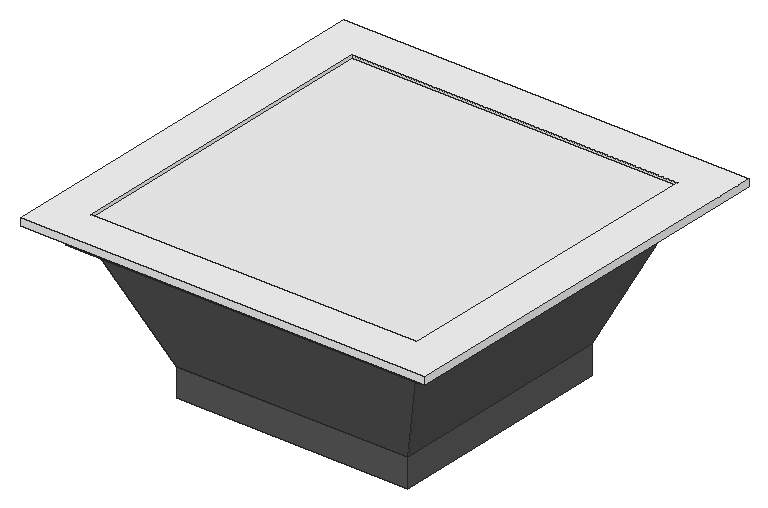
Revit family "3031704 Feilo Sylvania Lighting Fixture SYL-LIGHTER SQ 225 LED 21W WW DIM", category Lighting Fixtures, host Face, Revit 2017
Family settings
  Host = Face
  Round Connector Dimension = Use Diameter
  Part Type = Normal
  OmniClass Number = 23.80.70.00
  OmniClass Title = Lighting
  Cut with Voids When Loaded = No
  Light Source = Yes
  Shared = No
  Room Calculation Point = No
Parameters (values of type "3031704 SYL-LIGHTER SQ 225 LED 21W WW DIM")
  Width_FEILO = 225 mm
  WidthCutOut_FEILO = 205 mm
  Weight = "8.4 kg"
  Wattage Comments = ""
  Wattage = 21 W
  WarrantyStartDate [instance] = "n/a"
  WarrantyGuarantorParts = "n/a"
  WarrantyDurationUnit = "n/a"
  WarrantyDurationParts = "n/a"
  WarrantyDescription = "n/a"
  built-in parameter 1150110 = 1 (stored number, unit not read)
  Voltage = 230 V
  URL = "http://www.sylvania-lighting.com"
  TypeName = "SYL-LIGHTER SQ 225 LED 21W WW DIM"
  Type Image = <None>
  Type Comments = "n/a"
  built-in parameter 1114217 = 1 (stored number, unit not read)
  Tilt Angle = -90.00°
  built-in parameter 1150109 = 1 (stored number, unit not read)
  built-in parameter 1150134 = (empty or 0)
  built-in parameter 1150113 = 1 (stored number, unit not read)
  SerialNumber [instance] = "n/a"
  Photometric Web File = "3031704.ies"
  Offset3_FEILO = Width_FEILO / 8.5  # 26.471 mm
  Offset2_FEILO = Width_FEILO / 28.3333  # 7.941 mm
  Offset1_FEILO = Width_FEILO / 56.6667  # 3.971 mm
  Material_3_FEILO = Diffuser-Sylvania-InsaverHoTopperSquare
  PowerFactor = 0
  PowerConsumption = "21 W"
  NominalLength = 225 mm
  NominalHeight = 90 mm
  NominalDepth = 225 mm
  Name = "SYL-LIGHTER SQ 225 LED 21W WW DIM"
  ModelReference = Name  # "SYL-LIGHTER SQ 225 LED 21W WW DIM"
  ModelNumber = "3031704"
  Model = Name  # "SYL-LIGHTER SQ 225 LED 21W WW DIM"
  Material = "polycarbonate diffuser"
  ManufacturerName = "Feilo Sylvania"
  Manufacturer = "Feilo Sylvania"
  LuminousEfficacy = "81 lm/W"
  built-in parameter 1150105 = 782.44 (stored number, unit not read)
  Lumens = 1701 lm
  LuminaireType = ""
  built-in parameter 1150115 = 1 (stored number, unit not read)
  LightOutputRatio = "n/a"
  built-in parameter 1150137 = (empty or 0)
  built-in parameter 1150139 = (empty or 0)
  LampsType = Lamp  # "LED"
  LampNominalLuminous = "1710 lm"
  LampMacAdamStep = "n/a"
  LampColourTemperature = "3000 K"
  LampColourRenderingIndex = "0"
  built-in parameter 1150112 = 1 (stored number, unit not read)
  built-in parameter 1150114 = 1 (stored number, unit not read)
  Lamp = "LED"
  Keynote = "16500"
  InstallationDate [instance] = "n/a"
  InputVoltage = "220-240V~"
  InputNominalFrequency = "n/a"
  built-in parameter 1150132 = (empty or 0)
  built-in parameter 1150102 = (empty or 0)
  built-in parameter 1150107 = 3000 (stored number, unit not read)
  built-in parameter 1150138 = (empty or 0)
  IngressProtection = "IP44"
  ImpactProtectionIndex = "IK02"
  built-in parameter 1150106 = 7.8244 (stored number, unit not read)
  IfcExportType = "IfcLightFixtureType"
  IfcExportAs = "IfcLightFixtureType"
  HieghtCutOut_FEILO = HeightRecessed_FEILO / 0.8  # 112.5 mm
  HieghtBezel_FEILO = 4 mm
  HeightRecessed_FEILO = 90 mm
  HeightMiddle_FEILO = HeightRecessed_FEILO / 8.5  # 10.588 mm
  HeightBlend_FEILO = HeightRecessed_FEILO / 1.4167  # 63.529 mm
  ExpectedLife = 50000
  Emit from Rectangle Width = WidthCutOut_FEILO - 2 * (Offset1_FEILO + Offset2_FEILO)  # 181.176 mm
  Emit from Rectangle Length = WidthCutOut_FEILO - 2 * (Offset1_FEILO + Offset2_FEILO)  # 181.176 mm
  Emit Shape Visible in Rendering = no
  ElectricShockClassification = "n/a"
  built-in parameter 1150104 = 7.5251 (stored number, unit not read)
  DurationUnit = "hours"
  DocumentationLiterature = "http://www.sylvania-lighting.com/product/en-int/products/3031704"
  DimmingControlOptions = "n/a"
  Material_2_FEILO = Body-Sylvania-InsaverHoTopperSquare-Black
  Dimming Lamp Color Temperature Shift = <None>
  Description = ""
  Default Elevation = 1219.2 mm
  CreatedOn = "2/20/2018"
  CreatedBy = ""
  Cost = 0
  Color Filter = 16777215
  built-in parameter 1114216 [instance] = (empty or 0)
  ClassificationValue = "EF_70_80"
  ClassificationName = "Uniclass2015"
  Material_1_FEILO = Bezel-Sylvania-InsaverHoTopperSquare-White
  BarCode [instance] = "n/a"
  built-in parameter 1114218 = 1 (stored number, unit not read)
  built-in parameter 1150133 = 10 (stored number, unit not read)
  AssetType = "Fixed"
  AssetIdentifier [instance] = "n/a"
  Assembly Code = "D5020200"
  Apparent Load = 21 VA
  Material_4_FEILO = none
Reference planes
  plane 1 "Center (Front/Back)": y = 0
  plane 2: z = 0
  plane 3 "Center (Left/Right)": x = 0
  plane 4: x = 102.5
  plane 5: x = -102.5
  plane 6: x = -112.5
  plane 7: x = 112.5
  plane 8: x = -98.529
  plane 9: x = 98.529
  plane 10: z = -112.5
  plane 11: z = 4
  plane 12: z = -10.588
  plane 13: z = -90
  plane 14: y = 112.5
  plane 15: y = -112.5
  plane 16: y = 102.5
  plane 17: y = -102.5
  plane 18: y = 98.529
  plane 19: y = -98.529
  plane 20: z = 2.5
  plane 21: x = -90.588
  plane 22: y = 90.588
  plane 23: x = 90.588
  plane 24: y = -90.588
  plane 25: x = -64.118
  plane 26: y = 64.118
  plane 27: x = 64.118
  plane 28: y = -64.118
  plane 29: z = -74.117
Forms (mm)
  Extrusion 1, void
    sketch origin (0, 0, 0) x (1, 0, 0) y (0, 1, 0)
      loop
        line (-102.5, 102.5) -> (-102.5, -102.5) -> (102.5, -102.5) -> (102.5, 102.5) -> (-102.5, 102.5)
    from 0 to -112.5
  Extrusion 2, solid, material "Bezel-Sylvania-InsaverHoTopperSquare-White" <- "Material_1_FEILO"
    sketch origin (0, 0, 0) x (1, 0, 0) y (0, 1, 0)
      loop
        line (-112.5, 112.5) -> (-112.5, -112.5) -> (112.5, -112.5) -> (112.5, 112.5) -> (-112.5, 112.5)
      loop
        line (-90.588, 90.588) -> (-90.588, -90.588) -> (90.588, -90.588) -> (90.588, 90.588) -> (-90.588, 90.588)
    from 0 to 4
  Extrusion 3, solid, material "Diffuser-Sylvania-InsaverHoTopperSquare" <- "Material_3_FEILO"
    sketch origin (0, 0, 0) x (1, 0, 0) y (0, 1, 0)
      loop
        line (-90.588, 90.588) -> (-90.588, -90.588) -> (90.588, -90.588) -> (90.588, 90.588) -> (-90.588, 90.588)
    from 0 to 2.5
  Extrusion 4, solid, material "Bezel-Sylvania-InsaverHoTopperSquare-White" <- "Material_1_FEILO"
    sketch origin (0, 0, 0) x (1, 0, 0) y (0, 1, 0)
      loop
        line (-98.529, 98.529) -> (-98.529, -98.529) -> (98.529, -98.529) -> (98.529, 98.529) -> (-98.529, 98.529)
    from 0 to -10.588
  Blend 5, solid, material "Body-Sylvania-InsaverHoTopperSquare-Black" <- "Material_2_FEILO"
    base sketch origin (1223.4, -4572, -10.588) x (0, -1, 0) y (1, 0, 0)
      loop
        line (-4662.588, -1313.988) -> (-4481.412, -1313.988) -> (-4481.412, -1132.812) -> (-4662.588, -1132.812) -> (-4662.588, -1313.988)
    top sketch origin (1223.4, -4572, -10.588) x (0, -1, 0) y (1, 0, 0)
      loop
        line (-4636.118, -1287.518) -> (-4507.882, -1287.518) -> (-4507.882, -1159.282) -> (-4636.118, -1159.282) -> (-4636.118, -1287.518)
    from 0 to -63.529
  Extrusion 6, solid, material "Body-Sylvania-InsaverHoTopperSquare-Black" <- "Material_2_FEILO"
    sketch origin (1223.4, -4572, -74.117) x (0, -1, 0) y (-1, 0, 0)
      loop
        line (-4636.118, 1287.518) -> (-4636.118, 1159.282) -> (-4507.882, 1159.282) -> (-4507.882, 1287.518) -> (-4636.118, 1287.518)
    from 15.883 to 0
Dimensions and locks
  "HieghtCutOut_FEILO": plane 2 to plane 10
  "HieghtBezel_FEILO": plane 11 to plane 2
  "HeightMiddle_FEILO": plane 2 to plane 12
  "HeightRecessed_FEILO": plane 2 to plane 13
  equal spacing: plane 19, plane 1 "Center (Front/Back)", plane 18
  equal spacing: plane 17, plane 1 "Center (Front/Back)", plane 16
  equal spacing: plane 15, plane 1 "Center (Front/Back)", plane 14
  "Width_FEILO": plane 15 to plane 14
  "WidthCutOut_FEILO": plane 17 to plane 16
  "Offset1_FEILO": plane 18 to plane 16
  equal spacing: plane 6, plane 3 "Center (Left/Right)", plane 7
  "Width_FEILO": plane 6 to plane 7
  equal spacing: plane 5, plane 3 "Center (Left/Right)", plane 4
  "WidthCutOut_FEILO": plane 5 to plane 4
  equal spacing: plane 8, plane 3 "Center (Left/Right)", plane 9
  "Offset1_FEILO": plane 5 to plane 8
  locked: plane 11 to plane 20 at 1.5
  equal spacing: plane 21, plane 3 "Center (Left/Right)", plane 23
  equal spacing: plane 24, plane 1 "Center (Front/Back)", plane 22
  "Offset2_FEILO": plane 22 to plane 18
  "Offset2_FEILO": plane 8 to plane 21
  equal spacing: plane 25, plane 3 "Center (Left/Right)", plane 27
  equal spacing: plane 28, plane 1 "Center (Front/Back)", plane 26
  "Offset3_FEILO": plane 26 to plane 22
  "Offset3_FEILO": plane 21 to plane 25
  "HeightBlend_FEILO": plane 12 to plane 29
  aligned and locked: plane 2 to host face
  aligned and locked: level to host face
  aligned and locked: plane 16 to Extrusion 1 sketch curve
  aligned and locked: plane 5 to Extrusion 1 sketch curve
  aligned and locked: Extrusion 1 sketch curve to plane 17
  aligned and locked: Extrusion 1 sketch curve to plane 4
  aligned and locked: level to Extrusion 1
  aligned and locked: plane 10 to Extrusion 1
  aligned and locked: plane 14 to Extrusion 2 sketch curve
  aligned and locked: plane 6 to Extrusion 2 sketch curve
  aligned and locked: Extrusion 2 sketch curve to plane 15
  aligned and locked: Extrusion 2 sketch curve to plane 7
  aligned and locked: plane 22 to Extrusion 2 sketch curve
  aligned and locked: plane 21 to Extrusion 2 sketch curve
  aligned and locked: Extrusion 2 sketch curve to plane 24
  aligned and locked: Extrusion 2 sketch curve to plane 23
  aligned and locked: Extrusion 2 to plane 11
  aligned and locked: Extrusion 2 to level
  aligned and locked: Extrusion 3 sketch curve to Extrusion 2  (x4)
  aligned and locked: Extrusion 3 to plane 20
  aligned and locked: Extrusion 3 to level
  aligned and locked: plane 18 to Extrusion 4 sketch curve
  aligned and locked: plane 8 to Extrusion 4 sketch curve
  aligned and locked: Extrusion 4 sketch curve to plane 19
  aligned and locked: Extrusion 4 sketch curve to plane 9
  aligned and locked: plane 12 to Extrusion 4
  aligned and locked: level to Extrusion 4
  aligned and locked: Blend 5 sketch curve to Extrusion 2  (x4)
  aligned and locked: Blend 5 sketch curve to plane 26
  aligned and locked: Blend 5 sketch curve to plane 25
  aligned and locked: plane 28 to Blend 5 sketch curve
  aligned and locked: plane 27 to Blend 5 sketch curve
  aligned and locked: plane 12 to Blend 5
  aligned and locked: plane 29 to Blend 5
  aligned and locked: Extrusion 6 sketch curve to Blend 5  (x4)
  aligned and locked: plane 13 to Extrusion 6
  aligned and locked: Extrusion 6 to plane 29
  aligned and locked: plane 3 "Center (Left/Right)" to imposter light
  aligned and locked: imposter light to plane 1 "Center (Front/Back)"
  aligned and locked: imposter light to plane 20
Automatic sketch dimensions
  host sketch curve to host sketch curve = 2438.4 mm  (x2)
Connectors
  electrical at (0, 0, 0), driven by "Apparent Load", driven by "PowerFactor", driven by "Voltage"
    settings: index 1, voltage 230 V, apparent load 21 VA, apparent load phase1 0 VA, apparent load phase2 0 VA, apparent load phase3 0 VA, power factor 0, load classification "Lighting", number of poles 1, system type 30, power factor state 1, is connector primary yes, connector utility no, sub classification motor no, connector description ""
